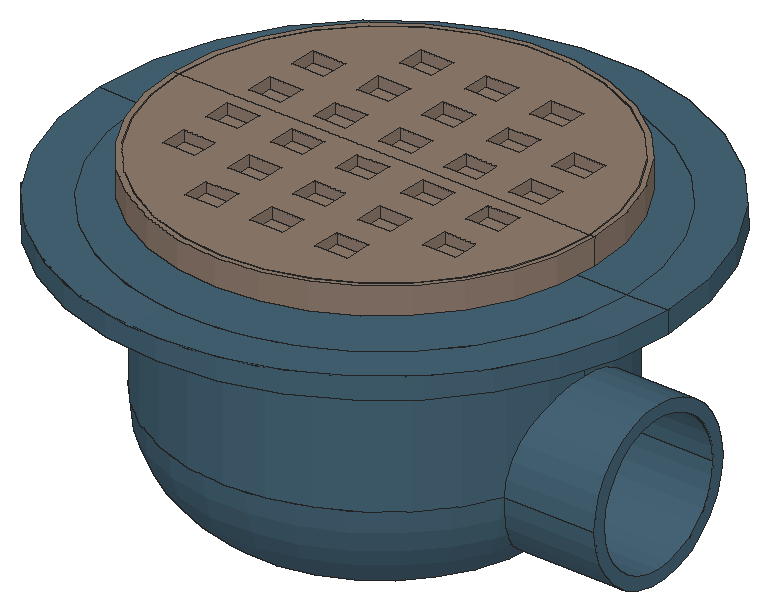
Revit family "Drain_Floor_Side_Outlet_Zurn-460B_Shallow_Body", category Plumbing Fixtures, Revit 2022
Family settings
  Round Connector Dimension = Use Radius
  Part Type = Normal
  OmniClass Number = 23.70.50.21.24.14
  OmniClass Title = Deck Waste Water Drains
  Work Plane-Based = No
  Always vertical = Yes
  Cut with Voids When Loaded = No
  Maintain Annotation Orientation = No
  Shared = No
  Room Calculation Point = No
Parameters (values of type "Load Family Type Catalog")
  Waste Connection = 1 = 1  # yes
  WFU = 1  # constant formula
  Vent Connection = 1 = 0  # no
  URL = "www.zurn.com"
  Type Comments = "ZB460B-1.5 Inch Threaded Outlet with 5\" Round top"
  Thickness = 0.250"
  Strainer Open Area Sq. In. = 8.00 SF
  Strainer Dia B = 5.000"
  Product data url = "https://www.bimobject.com/en-us/zurnindustries/product/Z460B"
  Product Page URL = "https://www.zurn.com/products/drainage-interceptors/floor-drains/finish-floor-drains/z460b"
  Product Documentation Link = "https://files.zurn.com/spec-sheets/z460b.pdf"
  Pipe Size 'A' (Outer Radius) = 0.950"
  Pipe Size A Nominal Radius = 0.750"
  Pipe Size 'A' (Inner Radius) = 0.805"
  Modified Date = "10/23/2025"  # constant formula
  Model = "ZB460B"
  Manufacurer Brand = "Zurn"  # constant formula
  Manufacturer = "Zurn Water, LLC"  # constant formula
  Main Material = Iron - Zurn -Cast - Painted - Blue
  HWFU = 0  # constant formula
  HW Connection = 1 = 0  # no
  Grate Open Area = 34.000"  # constant formula
  Grate Dia = Strainer Dia B - 0.063" - 0.063"  # 4.874"
  Grate & Top Material = Bronze - Zurn - Polished
  Enter Value Strainer Adjustment Height [instance] = 0.000"
  E Body Dimension = 3.156"
  Dim M = 2.000"
  Strainer Adjustment Height K [instance] = if(and(Strainer Dia B = 5.000", Enter Value Strainer Adjustment Height > 1.625"), 1.625", if(and(Strainer Dia B = 5.000", Enter Value Strainer Adjustment Height < 0.469"), 0.469", if(and(Strainer Dia B = 6.000", Enter Value Strainer Adjustment Height > 1.906"), 1.906", if(and(Strainer Dia B = 6.000", Enter Value Strainer Adjustment Height < 0.688"), 0.688", if(and(Strainer Dia B = 7.000", Enter Value Strainer Adjustment Height > 2.250"), 2.250", if(and(Strainer Dia B = 7.000", Enter Value Strainer Adjustment Height < 1.000"), 1.000", Enter Value Strainer Adjustment Height))))))  # 0.469"
  Dim D = 3.250"
  Description = "SHALLOW BODY FLOOR DRAIN W/ SIDE OUTLET AND TYPE B STRAINER"  # constant formula
  Default Elevation = 48.000"  # constant formula
  Date Created = "11/13/2018"  # constant formula
  CWFU = 0  # constant formula
  CW Connection = 1 = 0  # no
  Assembly Code = "D2030300"
  Approx. Weight (Lbs) = 8.000"
Reference planes (in)
  plane 1 "Center (Front/Back)": y = 0
  plane 2: z = 0
  plane 3 "Center (Left/Right)": x = 0
  plane 4: z = -0.469
  plane 5: z = -0.719
  plane 6 "Bottom": z = -3.719
  plane 7: z = -3.469
  plane 8: x = -2.4375
  plane 9: x = 2.4375
  plane 10: z = -0.125
  plane 11: z = -0.3125
  plane 12: x = -2.125
  plane 13: x = 2.125
  plane 14: y = 1.719
  plane 15: y = -1.719
  plane 16: y = 2.75
  plane 17: y = -2.75
  plane 18: y = 5
  plane 19: y = -5
  plane 20: x = -2.5
  plane 21: through (-0.26517, 0.26517, 48) normal (-0.7071, 0.7071, 0)
  plane 22: through (0.26517, -0.26517, 48) normal (-0.7071, 0.7071, 0)
  plane 23: through (-6.26517, 5.73483, 48) normal (0.7071, 0.7071, 0)
  plane 24: through (-8.61347, 9.1438, 48) normal (0.7071, 0.7071, 0)
  plane 25: through (0, 0, 48) normal (0.7071, 0.7071, 0)
  plane 26: x = 2.5
  plane 27: y = 5.5
  plane 28: y = -5.5
  plane 29: y = -1.188
  plane 30: y = 1.188
  plane 31: y = -2.5
  plane 32: y = 2.5
  plane 33: x = -2.125
  plane 34: x = 2.125
  plane 35: x = -2.375
  plane 36: x = 2.375
  plane 37: x = -1.75
  plane 38: x = -3.375
  plane 39: x = 3.375
  plane 40: x = -2.875
  plane 41: x = 2.875
  plane 42: z = -0.48463
  plane 43: z = -0.73462
  plane 44: z = -0.875
  plane 45: x = 3.25
  plane 46: x = -1.35227
  plane 47: x = -0.57955
  plane 48: x = -0.19318
  plane 49: x = -1.73864
  plane 50: x = -0.96591
  plane 51: x = 0.57955
  plane 52: x = 1.35227
  plane 53: x = 1.73864
  plane 54: x = 0.96591
  plane 55: x = 0.19318
  plane 56: y = 2.5
  plane 57: y = 1.75
  plane 58: y = -1.75
  plane 59: y = -2.5
  plane 60: y = 1.43182
  plane 61: y = 1.11364
  plane 62: y = 0.47727
  plane 63: y = 0.79545
  plane 64: y = 0.15909
  plane 65: y = -0.15909
  plane 66: y = -0.47727
  plane 67: y = -0.79545
  plane 68: y = -1.11364
  plane 69: y = -1.43182
  plane 70 "m": z = -2.469
  plane 71: z = -1.519
  plane 72: z = -3.419
Forms (in)
  Revolve 1, solid, material "Iron - Zurn -Cast - Painted - Blue" <- "Main Material", detail levels fine
    sketch origin (0, 0, 0) x (1, 0, 0) y (0, 0, 1)
      loop
        line (-3.375, -0.469) -> (-3.375, -0.719) -> (-2.875, -0.73462) -> (-2.4375, -0.73462)
        arc (-2.4375, -0.73462) -> (-2.39331, -0.75293) -> (-2.375, -0.79712) r 0.0625
        line (-2.375, -0.79712) -> (-2.375, -2.469)
        arc (-2.375, -2.469) -> (-2.00888, -3.35288) -> (-1.125, -3.719) r 1.25
        line (-1.125, -3.719) -> (0, -3.719) -> (0, -3.469) -> (-1.125, -3.469)
        arc (-1.125, -3.469) -> (-1.83211, -3.17611) -> (-2.125, -2.469) r 1
        line (-2.125, -2.469) -> (-2.125, -0.48462) -> (-2.875, -0.48462) -> (-3.375, -0.469)
      axis (0, -0.469) -> (0, -3.719)
    angle from 0 to 360
  Revolve 2, solid, material "Bronze - Zurn - Polished" <- "Grate & Top Material", detail levels fine
    sketch origin (0, 0, 0) x (1, 0, 0) y (0, 0, 1)
      loop
        line (-2.4375, 0) -> (-2.5, 0) -> (-2.5, -0.3125) -> (-2.125, -0.3125) -> (-1.75, -0.875) -> (-1.75, -2.469) -> (-1.625, -2.469) -> (-1.625, -0.83715) -> (-2.09977, -0.125) -> (-2.4375, -0.125) -> (-2.4375, 0)
      axis (0, 0) -> (0, -2.469)
    angle from 0 to 360
  Extrusion 3, solid, material "Iron - Zurn -Cast - Painted - Blue" <- "Main Material", detail levels fine
    sketch origin (0, 0, 0) x (0, 1, 0) y (0, 0, 1)
      loop
        circle (0, -2.469) r 0.805
      loop
        circle (0, -2.469) r 0.95
    from 0 to 3.25
  Revolve 4, solid, material "Bronze - Zurn - Polished" <- "Grate & Top Material", detail levels fine
    sketch origin (0, 0, 0) x (1, 0, 0) y (0, 0, 1)
      loop
        line (-2.4375, 0) -> (-2.4375, -0.125) -> (-2.125, -0.125) -> (-2.125, -0.22456) -> (0, -0.22456) -> (0, 0) -> (-2.4375, 0)
      axis (0, 0) -> (0, -0.22456)
    angle from 0 to 360
  Extrusion 5, void
    sketch origin (-55.11682, -180, -6.25) x (-1, 0, 0) y (0, -1, 0)
      loop
        line (-54.92364, -181.75) -> (-54.92364, -181.43182) -> (-55.31, -181.43182) -> (-55.31, -181.75) -> (-54.92364, -181.75)
      loop
        line (-54.92364, -181.11364) -> (-54.92364, -180.79545) -> (-55.31, -180.79545) -> (-55.31, -181.11364) -> (-54.92364, -181.11364)
      loop
        line (-54.92364, -180.47727) -> (-54.92364, -180.15909) -> (-55.31, -180.15909) -> (-55.31, -180.47727) -> (-54.92364, -180.47727)
      loop
        line (-54.92364, -179.84091) -> (-54.92364, -179.52273) -> (-55.31, -179.52273) -> (-55.31, -179.84091) -> (-54.92364, -179.84091)
      loop
        line (-55.31, -179.20455) -> (-54.92364, -179.20455) -> (-54.92364, -178.88636) -> (-55.31, -178.88636) -> (-55.31, -179.20455)
      loop
        line (-54.92364, -178.56818) -> (-54.92364, -178.25) -> (-55.31, -178.25) -> (-55.31, -178.56818) -> (-54.92364, -178.56818)
      loop
        line (-54.53728, -181.75) -> (-54.15091, -181.75) -> (-54.15091, -181.43182) -> (-54.53728, -181.43182) -> (-54.53728, -181.75)
      loop
        line (-55.69637, -181.75) -> (-55.69637, -181.43182) -> (-56.08273, -181.43182) -> (-56.08273, -181.75) -> (-55.69637, -181.75)
      loop
        line (-53.37818, -181.11364) -> (-53.37818, -180.79545) -> (-53.76455, -180.79545) -> (-53.76455, -181.11364) -> (-53.37818, -181.11364)
      loop
        line (-54.15091, -181.11364) -> (-54.15091, -180.79545) -> (-54.53728, -180.79545) -> (-54.53728, -181.11364) -> (-54.15091, -181.11364)
      loop
        line (-55.69637, -181.11364) -> (-55.69637, -180.79545) -> (-56.08273, -180.79545) -> (-56.08273, -181.11364) -> (-55.69637, -181.11364)
      loop
        line (-56.46909, -181.11364) -> (-56.46909, -180.79545) -> (-56.85546, -180.79545) -> (-56.85546, -181.11364) -> (-56.46909, -181.11364)
      loop
        line (-55.69637, -180.47727) -> (-55.69637, -180.15909) -> (-56.08273, -180.15909) -> (-56.08273, -180.47727) -> (-55.69637, -180.47727)
      loop
        line (-56.46909, -180.47727) -> (-56.46909, -180.15909) -> (-56.85546, -180.15909) -> (-56.85546, -180.47727) -> (-56.46909, -180.47727)
      loop
        line (-56.46909, -179.84091) -> (-56.46909, -179.52273) -> (-56.85546, -179.52273) -> (-56.85546, -179.84091) -> (-56.46909, -179.84091)
      loop
        line (-55.69637, -179.84091) -> (-55.69637, -179.52273) -> (-56.08273, -179.52273) -> (-56.08273, -179.84091) -> (-55.69637, -179.84091)
      loop
        line (-56.08273, -178.88636) -> (-56.08273, -179.20455) -> (-55.69637, -179.20455) -> (-55.69637, -178.88636) -> (-56.08273, -178.88636)
      loop
        line (-56.85546, -179.20455) -> (-56.46909, -179.20455) -> (-56.46909, -178.88636) -> (-56.85546, -178.88636) -> (-56.85546, -179.20455)
      loop
        line (-55.69637, -178.56818) -> (-55.69637, -178.25) -> (-56.08273, -178.25) -> (-56.08273, -178.56818) -> (-55.69637, -178.56818)
      loop
        line (-54.15091, -180.47727) -> (-54.15091, -180.15909) -> (-54.53728, -180.15909) -> (-54.53728, -180.47727) -> (-54.15091, -180.47727)
      loop
        line (-54.15091, -179.84091) -> (-54.15091, -179.52273) -> (-54.53728, -179.52273) -> (-54.53728, -179.84091) -> (-54.15091, -179.84091)
      loop
        line (-54.15091, -179.20455) -> (-54.15091, -178.88636) -> (-54.53728, -178.88636) -> (-54.53728, -179.20455) -> (-54.15091, -179.20455)
      loop
        line (-54.15091, -178.56818) -> (-54.15091, -178.25) -> (-54.53728, -178.25) -> (-54.53728, -178.56818) -> (-54.15091, -178.56818)
      loop
        line (-53.37818, -179.20455) -> (-53.37818, -178.88636) -> (-53.76455, -178.88636) -> (-53.76455, -179.20455) -> (-53.37818, -179.20455)
      loop
        line (-53.37818, -179.84091) -> (-53.37818, -179.52273) -> (-53.76455, -179.52273) -> (-53.76455, -179.84091) -> (-53.37818, -179.84091)
      loop
        line (-53.37818, -180.47727) -> (-53.37818, -180.15909) -> (-53.76455, -180.15909) -> (-53.76455, -180.47727) -> (-53.37818, -180.47727)
    from 6.125 to 6.25
Cuts and joins
  Extrusion 5 cuts Revolve 1
  Extrusion 5 cuts Extrusion 3
  Extrusion 5 cuts Revolve 4
Lines and regions (in)
  Masking region 1, detail levels fine
    outline origin (0, 0, 0) x (1, 0, 0) y (0, 1, 0)
      loop
        circle (0, 0) r 3.375
  Masking region 2, detail levels fine
    outline origin (0, 0, 0) x (1, 0, 0) y (0, 1, 0)
      loop
        line (3.25, 0.95) -> (0, 0.95) -> (0, -0.95) -> (3.25, -0.95) -> (3.25, 0.95)
  symbolic lines, detail levels coarse+medium
    curve 1: line (-2.4375, 0, 0) -> (2.25, 0, 0)
  model lines, detail levels coarse+medium
    curve 2: circle (0, 0, 0) r 2.5 normal (0, 0, 1)
    curve 3: circle (0, 0, 0) r 2.437 normal (0, 0, 1)
    curve 4: line (0, 0, 0) -> (0, 0, -2.469)
    curve 5: line (3.25, 0, -1.519) -> (3.25, 0, -3.419)
    curve 6: line (3.25, 0, -2.469) -> (0, 0, -2.469)
    curve 7: line (3.25, 0.95, -2.469) -> (3.25, -0.95, -2.469)
    curve 8: line (-0.57955, -2.36709, 0) -> (-0.57955, 2.36709, 0)
    curve 9: line (-1.35227, 2.02739, 0) -> (-1.35227, -2.02739, 0)
    curve 10: line (-0.96591, -2.23741, 0) -> (-0.96591, 2.23741, 0)
    curve 11: line (-1.73864, 1.70766, 0) -> (-1.73864, -1.70766, 0)
    curve 12: line (-0.19318, 2.42933, 0) -> (-0.19318, -2.42933, 0)
    curve 13: line (0.19318, -2.42933, 0) -> (0.19318, 2.42933, 0)
    curve 14: line (0.57955, 2.36709, 0) -> (0.57955, -2.36709, 0)
    curve 15: line (0.96591, -2.23741, 0) -> (0.96591, 2.23741, 0)
    curve 16: line (1.35227, 2.02739, 0) -> (1.35227, -2.02739, 0)
    curve 17: line (1.73864, -1.70766, 0) -> (1.73864, 1.70766, 0)
    curve 18: line (-2.4318, 0.15909, 0) -> (2.4318, 0.15909, 0)
    curve 19: line (2.38981, 0.47727, 0) -> (-2.38981, 0.47727, 0)
    curve 20: line (-2.30352, 0.79545, 0) -> (2.30352, 0.79545, 0)
    curve 21: line (2.16767, 1.11364, 0) -> (-2.16767, 1.11364, 0)
    curve 22: line (-1.97202, 1.43182, 0) -> (1.97202, 1.43182, 0)
    curve 23: line (-2.4318, -0.15909, 0) -> (2.4318, -0.15909, 0)
    curve 24: line (2.38981, -0.47727, 0) -> (-2.38981, -0.47727, 0)
    curve 25: line (-2.30352, -0.79545, 0) -> (2.30352, -0.79545, 0)
    curve 26: line (2.16767, -1.11364, 0) -> (-2.16767, -1.11364, 0)
    curve 27: line (-1.97202, -1.43182, 0) -> (1.97202, -1.43182, 0)
    curve 28: line (-1.69602, 1.75, 0) -> (1.69602, 1.75, 0)
    curve 29: line (-1.69602, -1.75, 0) -> (1.69602, -1.75, 0)
Dimensions and locks (in)
  level to plane 4 = 0.469"
  locked: plane 4 to plane 5 at 0.25
  level to plane 10 = 0.125"  (x2)
  plane 10 to plane 11 = 0.1875"
  equal spacing: plane 13, plane 3 "Center (Left/Right)", plane 12, locked at 2.125 each
  locked: plane 7 to plane 6 "Bottom" at 0.25
  plane 5 to plane 6 "Bottom" = 3.000"
  equal spacing: plane 16, plane 1 "Center (Front/Back)", plane 17
  plane 16 to plane 17 = 5.500"
  plane 3 "Center (Left/Right)" to plane 23 = 0.375"
  plane 24 to plane 3 "Center (Left/Right)" = 0.375"
  equal spacing: plane 24, plane 25, plane 23, locked at 0.375 each
  locked: plane 13 to plane 12 at 4.25
  equal spacing: plane 29, plane 1 "Center (Front/Back)", plane 30
  plane 29 to plane 1 "Center (Front/Back)" = 1.188"
  locked: plane 31 to plane 17 at 0.25
  locked: plane 32 to plane 16 at 0.25
  locked: level to plane 10 at 0.125
  locked: level to plane 11 at 0.3125
  "Strainer Adjustment Height K": level to plane 4
  equal spacing: plane 20, plane 3 "Center (Left/Right)", plane 26
  "Strainer Dia B": plane 20 to plane 26
  locked: plane 26 to plane 9 at 0.0625
  locked: plane 20 to plane 8 at 0.0625
  locked: plane 20 to plane 33 at 0.375
  locked: plane 26 to plane 34 at 0.375
  "Thickness": plane 12 to plane 35
  "Thickness": plane 36 to plane 13
  locked: plane 3 "Center (Left/Right)" to plane 37 at 1.75
  equal spacing: plane 39, plane 3 "Center (Left/Right)", plane 38, locked at 3.375 each
  locked: plane 39 to plane 38 at 6.75
  locked: plane 39 to plane 41 at 0.5
  locked: plane 40 to plane 38 at 0.5
  locked: plane 4 to plane 42 at 0.01563
  locked: plane 5 to plane 43 at 0.01563
  locked: Revolve 2 sketch curve to plane 37 at 0.125
  locked: Revolve 2 sketch curve to Revolve 2 sketch curve at 0.125
  plane 4 to Revolve 2 sketch curve = 2.000"
  level to plane 44 = 0.875"
  "Dim M": plane 4 to Extrusion 3 sketch curve
  "Dim D": plane 45 to plane 3 "Center (Left/Right)"
  equal spacing: plane 33, plane 49, plane 46, plane 50, plane 47, plane 48, plane 55, plane 51, plane 54, plane 52, plane 53, plane 34
  locked: plane 56 to plane 57 at 0.75
  locked: plane 59 to plane 58 at 0.75
  equal spacing: plane 56, plane 1 "Center (Front/Back)", plane 59
  "Strainer Dia B": plane 56 to plane 59
  equal spacing: plane 58, plane 69, plane 68, plane 67, plane 66, plane 65, plane 64, plane 62, plane 63, plane 61, plane 60, plane 57
  "Dim M": plane 4 to plane 70 "m"
  "Pipe Size 'A' (Outer Radius)": plane 71 to plane 70 "m" to plane 72
  "Pipe Size 'A' (Outer Radius)": curve 7 to plane 1 "Center (Front/Back)" to curve 7
  "Pipe Size 'A' (Outer Radius)": Masking region 2 sketch curve to plane 1 "Center (Front/Back)" to Masking region 2 sketch curve
  "Pipe Size 'A' (Outer Radius)": radius of Extrusion 3 sketch curve
  "Pipe Size 'A' (Inner Radius)": radius of Extrusion 3 sketch curve
  "Strainer Dia B": diameter of curve 2
  "Grate Dia": diameter of curve 3
  diameter of Masking region 1 sketch curve = 6.750"
  aligned and locked: plane 2 to level
  aligned and locked: plane 8 to curve 1
  aligned and locked: curve 1 to level
  aligned and locked: plane 4 to Revolve 1 sketch curve
  aligned and locked: plane 5 to Revolve 1 sketch curve
  aligned and locked: Revolve 1 sketch curve to plane 38
  aligned and locked: Revolve 1 sketch curve to plane 35
  aligned and locked: plane 12 to Revolve 1 sketch curve
  aligned and locked: Revolve 1 sketch curve to plane 6 "Bottom"
  aligned and locked: plane 7 to Revolve 1 sketch curve
  aligned and locked: plane 3 "Center (Left/Right)" to Revolve 1 sketch curve
  aligned and locked: Revolve 1 sketch curve to plane 42
  aligned and locked: Revolve 1 sketch curve to plane 43
  aligned and locked: level to Revolve 1 sketch curve
  aligned and locked: Revolve 2 sketch curve to plane 11
  aligned and locked: Revolve 2 sketch curve to plane 10
  aligned and locked: level to Revolve 2 sketch curve  (x2)
  aligned and locked: plane 20 to Revolve 2 sketch curve
  aligned and locked: Revolve 2 sketch curve to plane 8
  aligned and locked: plane 33 to Revolve 2 sketch curve
  aligned and locked: plane 44 to Revolve 2 sketch curve
  aligned and locked: plane 45 to Extrusion 3
  aligned and locked: Extrusion 3 to plane 3 "Center (Left/Right)"
  aligned and locked: Revolve 4 sketch curve to plane 8
  aligned and locked: Revolve 4 sketch curve to plane 10
  aligned and locked: Revolve 4 sketch curve to level
  aligned and locked: Revolve 4 sketch curve to plane 3 "Center (Left/Right)"
  aligned and locked: plane 12 to Revolve 4 sketch curve
  aligned and locked: plane 33 to Revolve 4 sketch curve
  aligned and locked: Revolve 4 sketch curve to Revolve 4 sketch curve
  aligned and locked: plane 48 to Extrusion 5 sketch curve  (x5)
  aligned and locked: Extrusion 5 sketch curve to plane 69  (x3)
  aligned and locked: Extrusion 5 sketch curve to plane 55  (x5)
  aligned and locked: plane 58 to Extrusion 5 sketch curve  (x3)
  aligned and locked: plane 68 to Extrusion 5 sketch curve  (x2)
  aligned and locked: plane 67 to Extrusion 5 sketch curve  (x2)
  aligned and locked: plane 55 to Extrusion 5 sketch curve
  aligned and locked: Extrusion 5 sketch curve to plane 48
  aligned and locked: Extrusion 5 sketch curve to plane 66  (x5)
  aligned and locked: Extrusion 5 sketch curve to plane 65  (x5)
  aligned and locked: Extrusion 5 sketch curve to plane 64  (x5)
  aligned and locked: Extrusion 5 sketch curve to plane 62  (x5)
  aligned and locked: plane 63 to Extrusion 5 sketch curve  (x5)
  aligned and locked: plane 61 to Extrusion 5 sketch curve  (x5)
  aligned and locked: plane 60 to Extrusion 5 sketch curve  (x2)
  aligned and locked: plane 57 to Extrusion 5 sketch curve  (x2)
  aligned and locked: plane 51 to Extrusion 5 sketch curve  (x6)
  aligned and locked: Extrusion 5 sketch curve to plane 54  (x6)
  aligned and locked: plane 53 to Extrusion 5 sketch curve
  aligned and locked: plane 52 to Extrusion 5 sketch curve
  aligned and locked: Extrusion 5 sketch curve to plane 68  (x3)
  aligned and locked: Extrusion 5 sketch curve to plane 67  (x3)
  aligned and locked: Extrusion 5 sketch curve to plane 53  (x3)
  aligned and locked: Extrusion 5 sketch curve to plane 52  (x3)
  aligned and locked: Extrusion 5 sketch curve to plane 57
  aligned and locked: Extrusion 5 sketch curve to plane 50
  aligned and locked: Extrusion 5 sketch curve to plane 47
  aligned and locked: Extrusion 5 sketch curve to plane 60
  aligned and locked: plane 50 to Extrusion 5 sketch curve  (x5)
  aligned and locked: plane 47 to Extrusion 5 sketch curve  (x5)
  aligned and locked: Extrusion 5 sketch curve to plane 46  (x4)
  aligned and locked: plane 49 to Extrusion 5 sketch curve  (x4)
  aligned and locked: level to Extrusion 5
  aligned and locked: plane 1 "Center (Front/Back)" to curve 2
  aligned and locked: plane 3 "Center (Left/Right)" to curve 2
  aligned and locked: plane 1 "Center (Front/Back)" to curve 3
  aligned and locked: plane 3 "Center (Left/Right)" to curve 3
  aligned and locked: curve 4 to plane 3 "Center (Left/Right)"
  aligned and locked: plane 71 to curve 5
  aligned and locked: curve 5 to plane 72
  aligned and locked: curve 5 to plane 45
  aligned and locked: plane 3 "Center (Left/Right)" to curve 6
  aligned and locked: plane 70 "m" to curve 6
  aligned and locked: plane 45 to curve 6
  aligned and locked: curve 7 to plane 45
  aligned and locked: curve 8 to plane 47
  aligned and locked: curve 9 to plane 46
  aligned and locked: plane 50 to curve 10
  aligned and locked: curve 11 to plane 49
  aligned and locked: curve 12 to plane 48
  aligned and locked: plane 55 to curve 13
  aligned and locked: curve 14 to plane 51
  aligned and locked: plane 54 to curve 15
  aligned and locked: plane 52 to curve 16
  aligned and locked: plane 53 to curve 17
  aligned and locked: plane 64 to curve 18
  aligned and locked: plane 62 to curve 19
  aligned and locked: curve 20 to plane 63
  aligned and locked: curve 21 to plane 61
  aligned and locked: curve 22 to plane 60
  aligned and locked: curve 23 to plane 65
  aligned and locked: curve 24 to plane 66
  aligned and locked: curve 25 to plane 67
  aligned and locked: curve 26 to plane 68
  aligned and locked: curve 27 to plane 69
  aligned and locked: plane 57 to curve 28
  aligned and locked: curve 29 to plane 58
  aligned and locked: plane 1 "Center (Front/Back)" to Masking region 1 sketch curve
  aligned and locked: plane 3 "Center (Left/Right)" to Masking region 1 sketch curve
  aligned and locked: plane 45 to Masking region 2 sketch curve
  aligned and locked: Masking region 2 sketch curve to plane 3 "Center (Left/Right)"
Automatic sketch dimensions
  Revolve 1 sketch curve to Revolve 1 sketch curve = 0.000"
  Revolve 1 sketch curve to plane 40 = 0.000"  (x2)
  Revolve 1 sketch curve to plane 6 "Bottom" = 0.000"
  Revolve 1 sketch curve to plane 35 = 0.0625"
  plane 37 to Revolve 1 sketch curve = 0.625"
  Revolve 2 sketch curve to plane 37 = 0.000"
  Revolve 2 sketch curve to plane 6 "Bottom" = 0.000"
  Revolve 4 sketch curve to level = 0.000"
  Revolve 4 sketch curve to plane 4 = 0.000"
  plane 11 to Revolve 4 sketch curve = 0.08794"
  Revolve 1 sketch curve to plane 3 "Center (Left/Right)" = 0.000"
  Revolve 2 sketch curve to plane 3 "Center (Left/Right)" = 0.000"
  plane 13 to curve 1 = 0.125"
  Extrusion 3 sketch curve to Extrusion 3 sketch curve = 0.000"  (x2)
  Extrusion 3 sketch curve to plane 1 "Center (Front/Back)" = 0.000"
Types in the file's own list only (24): name | Type Comments | Thickness | Strainer Open Area Sq. In. | Strainer Dia B | Pipe Size 'A' (Outer Radius) | Pipe Size A Nominal Radius | Pipe Size 'A' (Inner Radius) | Model | Grate Open Area | Grate Dia | Grate & Top Material | E Body Dimension | Dim M | Dim D | Default Elevation | Approx. Weight (Lbs)
  ZB460B-1.5IP-5" TOP | "ZB460B-1.5 Inch Threaded Outlet with 5\" Round top" | 0.250 " | 8.00 SF | 5.000 " | 0.950 " | 0.750 " | 0.805 " | "ZB460B" | 34.000 " | 4.874 " | Bronze - Zurn - Polished | 3.156 " | 2.000 " | 3.250 " | 48.000 " | 8.000 "
  ZB460B-2IP-5" TOP | "ZB460B-2 Inch Threaded Outlet with 5\" Round top" | 0.250 " | 8.00 SF | 5.000 " | 1.188 " | 1.000 " | 1.034 " | "ZB460B" | 34.000 " | 4.874 " | Bronze - Zurn - Polished | 3.219 " | 1.781 " | 3.250 " | 48.000 " | 8.000 "
  ZB460B-1.5NH-5" TOP | "ZB460B-1.5 Inch No-Hub Outlet with 5\" Round top" | 0.250 " | 8.00 SF | 5.000 " | 0.950 " | 0.750 " | 0.805 " | "ZB460B" | 34.000 " | 4.874 " | Bronze - Zurn - Polished | 2.969 " | 2.000 " | 4.250 " | 48.000 " | 8.000 "
  ZB460B-2NH-5" TOP | "ZB460B-2 Inch No-Hub  Outlet with 5\" Round top" | 0.250 " | 8.00 SF | 5.000 " | 1.188 " | 1.000 " | 1.034 " | "ZB460B" | 34.000 " | 4.874 " | Bronze - Zurn - Polished | 2.969 " | 1.781 " | 5.000 " | 48.000 " | 8.000 "
  ZB460B-1.5IP-6" TOP | "ZB460B-1.5 Inch Threaded Outlet with 6\" Round top" | 0.250 " | 9.00 SF | 6.000 " | 0.950 " | 0.750 " | 0.805 " | "ZB460B" | 34.000 " | 5.874 " | Bronze - Zurn - Polished | 3.156 " | 2.000 " | 3.250 " | 48.000 " | 9.000 "
  ZB460B-2IP-6" TOP | "ZB460B-2 Inch Threaded Outlet with 6\" Round top" | 0.250 " | 9.00 SF | 6.000 " | 1.188 " | 1.000 " | 1.034 " | "ZB460B" | 34.000 " | 5.874 " | Bronze - Zurn - Polished | 3.219 " | 1.781 " | 3.250 " | 48.000 " | 9.000 "
  ZB460B-1.5NH-6" TOP | "ZB460B-1.5 Inch No-Hub Outlet with 6\" Round top" | 0.250 " | 9.00 SF | 6.000 " | 0.950 " | 0.750 " | 0.805 " | "ZB460B" | 34.000 " | 5.874 " | Bronze - Zurn - Polished | 2.969 " | 2.000 " | 4.250 " | 48.000 " | 9.000 "
  ZB460B-2NH-6" TOP | "ZB460B-2 Inch No-Hub  Outlet with 6\" Round top" | 0.250 " | 9.00 SF | 6.000 " | 1.188 " | 1.000 " | 1.034 " | "ZB460B" | 34.000 " | 5.874 " | Bronze - Zurn - Polished | 2.969 " | 1.781 " | 5.000 " | 48.000 " | 9.000 "
  ZB460B-1.5IP-7" TOP | "ZB460B-1.5 Inch Threaded Outlet with 7\" Round top" | 0.250 " | 12.00 SF | 7.000 " | 0.950 " | 0.750 " | 0.805 " | "ZB460B" | 34.000 " | 6.874 " | Bronze - Zurn - Polished | 3.156 " | 2.000 " | 3.250 " | 48.000 " | 10.000 "
  ZB460B-2IP-7" TOP | "ZB460B-2 Inch Threaded Outlet with 7\" Round top" | 0.250 " | 12.00 SF | 7.000 " | 1.188 " | 1.000 " | 1.034 " | "ZB460B" | 34.000 " | 6.874 " | Bronze - Zurn - Polished | 3.219 " | 1.781 " | 3.250 " | 48.000 " | 10.000 "
  ZB460B-1.5NH-7" TOP | "ZB460B-1.5 Inch No-Hub Outlet with 7\" Round top" | 0.250 " | 12.00 SF | 7.000 " | 0.950 " | 0.750 " | 0.805 " | "ZB460B" | 34.000 " | 6.874 " | Bronze - Zurn - Polished | 2.969 " | 2.000 " | 4.250 " | 48.000 " | 10.000 "
  ZB460B-2NH-7" TOP | "ZB460B-2 Inch No-Hub  Outlet with 7\" Round top" | 0.250 " | 12.00 SF | 7.000 " | 1.188 " | 1.000 " | 1.034 " | "ZB460B" | 34.000 " | 6.874 " | Bronze - Zurn - Polished | 2.969 " | 1.781 " | 5.000 " | 48.000 " | 10.000 "
  ZN460B-1.5IP-5" TOP | "ZN460B-1.5 Inch Threaded Outlet with 5\" Round top" | 0.250 " | 8.00 SF | 5.000 " | 0.950 " | 0.750 " | 0.805 " | "ZN460B" | 34.000 " | 4.874 " | Bronze - Zurn - Polished Nickel | 3.156 " | 2.000 " | 3.250 " | 48.000 " | 8.000 "
  ZN460B-2IP-5" TOP | "ZN460B-2 Inch Threaded Outlet with 5\" Round top" | 0.250 " | 8.00 SF | 5.000 " | 1.188 " | 1.000 " | 1.034 " | "ZN460B" | 34.000 " | 4.874 " | Bronze - Zurn - Polished Nickel | 3.219 " | 1.781 " | 3.250 " | 48.000 " | 8.000 "
  ZN460B-1.5NH-5" TOP | "ZN460B-1.5 Inch No-Hub Outlet with 5\" Round top" | 0.250 " | 8.00 SF | 5.000 " | 0.950 " | 0.750 " | 0.805 " | "ZN460B" | 34.000 " | 4.874 " | Bronze - Zurn - Polished Nickel | 2.969 " | 2.000 " | 4.250 " | 48.000 " | 8.000 "
  ZN460B-2NH-5" TOP | "ZN460B-2 Inch No-Hub  Outlet with 5\" Round top" | 0.250 " | 8.00 SF | 5.000 " | 1.188 " | 1.000 " | 1.034 " | "ZN460B" | 34.000 " | 4.874 " | Bronze - Zurn - Polished Nickel | 2.969 " | 1.781 " | 5.000 " | 48.000 " | 8.000 "
  ZN460B-1.5IP-6" TOP | "ZN460B-1.5 Inch Threaded Outlet with 6\" Round top" | 0.250 " | 9.00 SF | 6.000 " | 0.950 " | 0.750 " | 0.805 " | "ZN460B" | 34.000 " | 5.874 " | Bronze - Zurn - Polished Nickel | 3.156 " | 2.000 " | 3.250 " | 48.000 " | 9.000 "
  ZN460B-2IP-6" TOP | "ZN460B-2 Inch Threaded Outlet with 6\" Round top" | 0.250 " | 9.00 SF | 6.000 " | 1.188 " | 1.000 " | 1.034 " | "ZN460B" | 34.000 " | 5.874 " | Bronze - Zurn - Polished Nickel | 3.219 " | 1.781 " | 3.250 " | 48.000 " | 9.000 "
  ZN460B-1.5NH-6" TOP | "ZN460B-1.5 Inch No-Hub Outlet with 6\" Round top" | 0.250 " | 9.00 SF | 6.000 " | 0.950 " | 0.750 " | 0.805 " | "ZN460B" | 34.000 " | 5.874 " | Bronze - Zurn - Polished Nickel | 2.969 " | 2.000 " | 4.250 " | 48.000 " | 9.000 "
  ZN460B-2NH-6" TOP | "ZN460B-2 Inch No-Hub  Outlet with 6\" Round top" | 0.250 " | 9.00 SF | 6.000 " | 1.188 " | 1.000 " | 1.034 " | "ZN460B" | 34.000 " | 5.874 " | Bronze - Zurn - Polished Nickel | 2.969 " | 1.781 " | 5.000 " | 48.000 " | 9.000 "
  ZN460B-1.5IP-7" TOP | "ZN460B-1.5 Inch Threaded Outlet with 7\" Round top" | 0.250 " | 12.00 SF | 7.000 " | 0.950 " | 0.750 " | 0.805 " | "ZN460B" | 34.000 " | 6.874 " | Bronze - Zurn - Polished Nickel | 3.156 " | 2.000 " | 3.250 " | 48.000 " | 10.000 "
  ZN460B-2IP-7" TOP | "ZN460B-2 Inch Threaded Outlet with 7\" Round top" | 0.250 " | 12.00 SF | 7.000 " | 1.188 " | 1.000 " | 1.034 " | "ZN460B" | 34.000 " | 6.874 " | Bronze - Zurn - Polished Nickel | 3.219 " | 1.781 " | 3.250 " | 48.000 " | 10.000 "
  ZN460B-1.5NH-7" TOP | "ZN460B-1.5 Inch No-Hub Outlet with 7\" Round top" | 0.250 " | 12.00 SF | 7.000 " | 0.950 " | 0.750 " | 0.805 " | "ZN460B" | 34.000 " | 6.874 " | Bronze - Zurn - Polished Nickel | 2.969 " | 2.000 " | 4.250 " | 48.000 " | 10.000 "
  ZN460B-2NH-7" TOP | "ZN460B-2 Inch No-Hub  Outlet with 7\" Round top" | 0.250 " | 12.00 SF | 7.000 " | 1.188 " | 1.000 " | 1.034 " | "ZN460B" | 34.000 " | 6.874 " | Bronze - Zurn - Polished Nickel | 2.969 " | 1.781 " | 5.000 " | 48.000 " | 10.000 "
